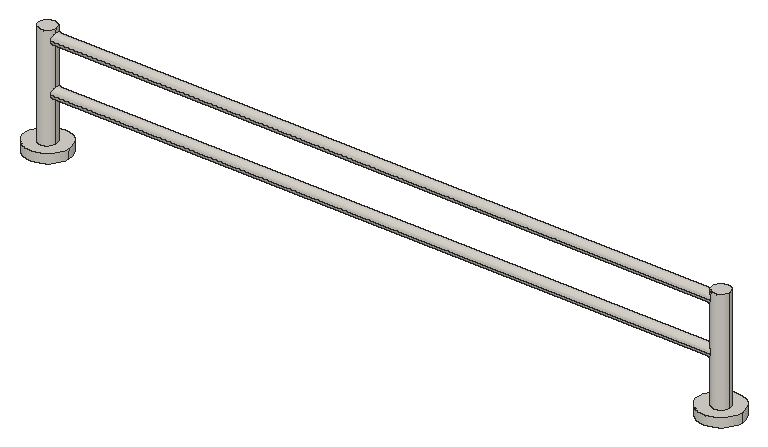
Revit family "Farina 800 Double Towel Rail", category Specialty Equipment, host Face, Revit 2026
Family settings
  Host = Face
  Round Connector Dimension = Use Diameter
  Part Type = Normal
  Enable Cutting in Views = Yes
  Cut with Voids When Loaded = No
  Maintain Annotation Orientation = No
  Shared = No
  Room Calculation Point = No
Parameters (values of type "BRUSHED NICKEL")
  Material = BM_NICKEL
  Default Elevation = 1219.2 mm
Types (6, lengths in mm): name | Material
  (no name) | BM_NICKEL
  MATTE BLACK | BM_MATTE BLACK
  BRUSHED NICKEL | BM_NICKEL
  BRUSHED GUNMETAL | BM_GUNMETAL
  BRUSHED BRASS GOLD | BM_BRASS GOLD
  BRUSHED ANTIQUE BRASS | BM_ANTIQUE BRASS
Reference planes
  plane 1 "Center (Front/Back)": y = 0
  plane 2: z = 0
  plane 3 "Center (Left/Right)": x = 0
Forms (mm)
  Revolve 1, solid, material "BM_NICKEL" <- "Material"
    sketch origin (-276, 0, 115) x (1, 0, 0) y (0, 1, 0)
      loop
        line (-93.657, 0) -> (-93.657, -6) -> (646.211, -6) -> (646.211, 0) -> (-93.657, 0)
      axis (-93.657, 0) -> (646.211, 0)
    angle from 0 to 360
  Revolve 2, solid, material "BM_NICKEL" <- "Material"
    sketch origin (-276, 0, 61) x (1, 0, 0) y (0, 1, 0)
      loop
        line (-95.838, 0) -> (-95.838, -6) -> (646.043, -6) -> (646.043, 0) -> (-95.838, 0)
      axis (-95.838, 0) -> (646.043, 0)
    angle from 0 to 360
  Extrusion 3, solid, material "BM_NICKEL" <- "Material"
    sketch origin (376.25, 0, 10) x (1, 0, 0) y (0, 1, 0)
      loop
        circle (0, 0) r 9.5
    from 0 to 115
  Extrusion 4, solid, material "BM_NICKEL" <- "Material"
    sketch origin (376, 0, 0) x (1, 0, 0) y (0, 1, 0)
      loop
        circle (0, 0) r 24
    from 0 to 10
  Extrusion 5, solid, material "BM_NICKEL" <- "Material"
    sketch origin (-376.25, 0, 10) x (1, 0, 0) y (0, 1, 0)
      loop
        circle (0, 0) r 9.5
    from 0 to 115
  Extrusion 6, solid, material "BM_NICKEL" <- "Material"
    sketch origin (-376, 0, 0) x (1, 0, 0) y (0, 1, 0)
      loop
        circle (0, 0) r 24
    from 0 to 10
Cuts and joins
  joined: Revolve 1, Revolve 2, Extrusion 3, Extrusion 5
Dimensions and locks
  aligned and locked: plane 2 to host face
  aligned and locked: level to host face
